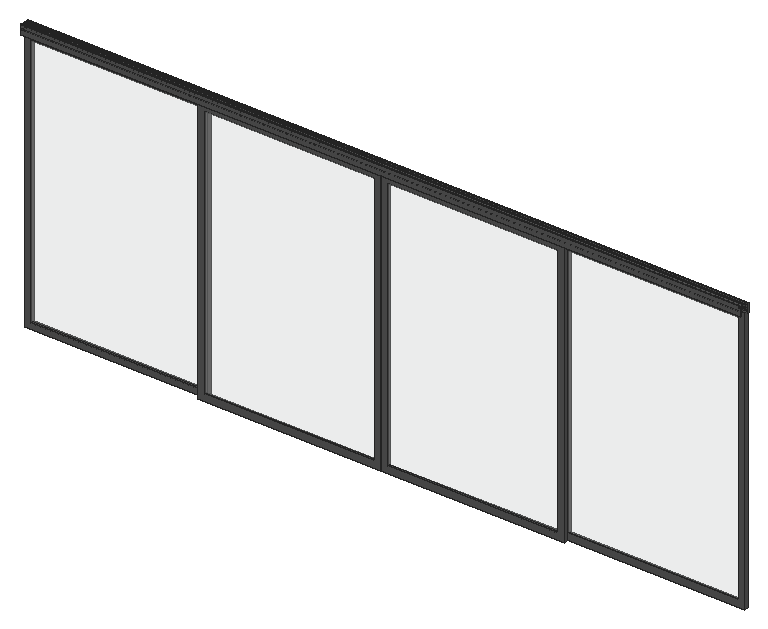
Revit family "Door_SS_The Sliding Door Company_4-Panel Double Track (ABBA)", category Doors, host Wall, Revit 2019 (continued)
Automatic sketch dimensions
  Extrusion 38 sketch curve to plane 21 = 1 1/4"
  plane 8 to Extrusion 38 sketch curve = 2 1/2"
  plane 28 "7" to Extrusion 38 sketch curve = 1.72884"
  plane 21 to Extrusion 39 sketch curve = 1 1/4"
  Extrusion 39 sketch curve to plane 7 = 2 1/2"
  plane 8 to Extrusion 39 sketch curve = 2 1/2"
  plane 28 "7" to Extrusion 39 sketch curve = 1.72884"
  Extrusion 40 sketch curve to plane 3 "Top" = 0"  (x4)
  Extrusion 40 sketch curve to plane 28 "7" = 0"  (x2)
  Extrusion 40 sketch curve to plane 26 "4" = 0"  (x4)
  Extrusion 40 sketch curve to host wall = 2.28845"
  plane 26 "4" to Extrusion 40 sketch curve = 0.02101"  (x2)
  Extrusion 40 sketch curve to Extrusion 40 sketch curve = 0.06315"
  Extrusion 40 sketch curve to Extrusion 40 sketch curve = 0.00013"  (x3)
  Extrusion 40 sketch curve to Extrusion 40 sketch curve = 0"  (x2)
  Extrusion 40 sketch curve to Extrusion 40 sketch curve = 0.002"
  Extrusion 40 sketch curve to Extrusion 40 sketch curve = 0.14606"  (x2)
  Extrusion 40 sketch curve to Extrusion 40 sketch curve = 0.008"  (x3)
  Extrusion 40 sketch curve to plane 26 "4" = 0.1"  (x2)
  plane 3 "Top" to Extrusion 40 sketch curve = 0.06195"  (x4)
  Extrusion 40 sketch curve to Extrusion 40 sketch curve = 0.1"  (x4)
  Extrusion 40 sketch curve to Extrusion 40 sketch curve = 0.09533"  (x2)
  Extrusion 40 sketch curve to Extrusion 40 sketch curve = 0.02"  (x6)
  plane 26 "4" to Extrusion 40 sketch curve = 0.05952"
  Extrusion 40 sketch curve to Extrusion 40 sketch curve = 0.15349"  (x4)
  Extrusion 40 sketch curve to Extrusion 40 sketch curve = 0.08085"  (x2)
  Extrusion 40 sketch curve to Extrusion 40 sketch curve = 0.05913"  (x2)
  Extrusion 40 sketch curve to Extrusion 40 sketch curve = 0.12223"  (x8)
  Extrusion 40 sketch curve to Extrusion 40 sketch curve = 0.03434"  (x2)
  Extrusion 40 sketch curve to Extrusion 40 sketch curve = 0.42597"  (x2)
  Extrusion 40 sketch curve to Extrusion 40 sketch curve = 0.03482"  (x2)
  Extrusion 40 sketch curve to Extrusion 40 sketch curve = 0.95068"  (x2)
  Extrusion 40 sketch curve to Extrusion 40 sketch curve = 0.0973"  (x2)
  Extrusion 40 sketch curve to Extrusion 40 sketch curve = 0.08037"  (x2)
  Extrusion 40 sketch curve to Extrusion 40 sketch curve = 0.11533"  (x2)
  Extrusion 40 sketch curve to Extrusion 40 sketch curve = 1/8"
  Extrusion 40 sketch curve to Extrusion 40 sketch curve = 0.04269"
  Extrusion 40 sketch curve to Extrusion 40 sketch curve = 0.03816"
  Extrusion 40 sketch curve to plane 26 "4" = 0.194"
  Extrusion 40 sketch curve to Extrusion 40 sketch curve = 0.14406"
  Extrusion 40 sketch curve to Extrusion 40 sketch curve = 0.40756"
  plane 3 "Top" to Extrusion 40 sketch curve = 0.03852"  (x2)
  Extrusion 40 sketch curve to Extrusion 40 sketch curve = 0.15406"
  Extrusion 40 sketch curve to Extrusion 40 sketch curve = 0.06328"
  Extrusion 40 sketch curve to Extrusion 40 sketch curve = 0.03852"  (x5)
  Extrusion 40 sketch curve to Extrusion 40 sketch curve = 0.094"
  Extrusion 40 sketch curve to plane 26 "4" = 0.21459"  (x4)
  Extrusion 40 sketch curve to Extrusion 40 sketch curve = 0.10042"  (x4)
  Extrusion 40 sketch curve to Extrusion 40 sketch curve = 0.13214"  (x2)
  Extrusion 40 sketch curve to Extrusion 40 sketch curve = 0.05338"  (x2)
  Opening 1 sketch curve to plane 3 "Top" = 0"
